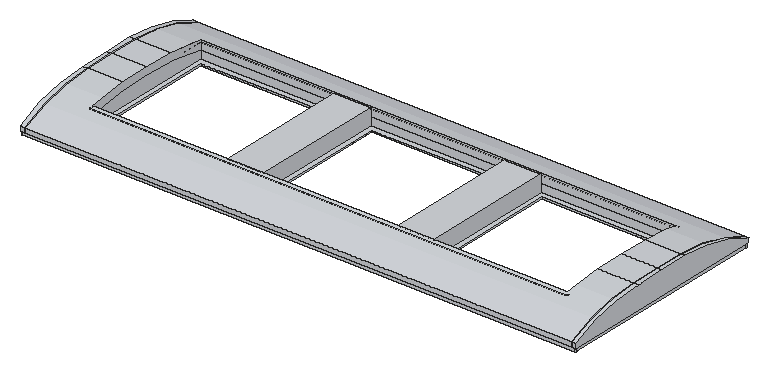
Revit family "Gira_021381", category Electrical Fixtures, host Face, Revit 2017
Family settings
  Host = Face
  Maintain Annotation Orientation = No
  Round Connector Dimension = Use Diameter
  Part Type = Normal
  Cut with Voids When Loaded = No
  Shared = No
  Room Calculation Point = No
Parameters (values of type "Cov.fr. 3-g interm.fr. CAl Gira Event anthra.")
  With mounting grid = "No"
  With hinged lid = "No"
  URL = "http://katalog.gira.de/en/datenblatt.html?artikelnr=021381"
  Type of fastening = "Clamp mounting"
  Transparent = "No"
  Surface protection = "Other"
  Suitable for wall duct = "No"
  Suitable for flush-mounted installation = "Yes"
  Suitable for floor box = "No"
  Suitable for built-in installation = "No"
  Number of units vertical = "3"
  Number of units horizontal = "3"
  Number of units = "3"
  Name = "Cov.fr. 3-g interm.fr. CAl Gira Event anthra."
  Mounting direction = "Horizontal and vertical"
  Material quality = "Thermoplastic"
  Material = "Plastic"
  Manufacturer URL = "https://www.gira.de/"
  Manufacturer = "Gira"
  Label space/information surface = "No"
  Keynote = ""
  HeinzeBIM = "https://bimportal.heinze.de/bim/cov-fr-3-g-interm-fr-cal-gira-event-anthra-/cb19edc71c97d76aa7b287fc06a13c54cf14682d"
  Halogen free = "Yes"
  HAN = "021381"
  GTIN = "4010337213819"
  Description = "Cov.fr.3g i.fr.CAl Event AN,Gira Event frames,anthracite with colour aluminium intermediate frame,3-gang,Features:,- Shatter-proof."
  Degree of protection (IP) = "IP20"
  Default Elevation = 1219.2 mm
  Data sheet (1) = "https://katalog.gira.de/en/download.html?artikelnr=021381"
  Colour = "Anthracite"
  Category = "Cover frame for domestic switching devices"
  BIM (1) = "https://media.stage.bim.site/public/gira/36a6b08/Event_Rahmen_3fach.rfa"
  Available = "No"
Reference planes
  plane 1 "Center (Front/Back)": y = 0
  plane 2: z = 0
  plane 3 "Center (Left/Right)": x = 0
Forms (mm)
  Extrusion 1, solid, detail levels fine
    sketch origin (0, 0, 0.05) x (0, 1, 0) y (0, 0, 1)
      loop
        arc (12.445, 9.683) -> (6.223, 9.833) -> (0, 9.85) r 291.636
        arc (0, 9.85) -> (-6.223, 9.833) -> (-12.445, 9.683) r 291.636
        arc (-12.445, 9.683) -> (-29.14, 7.482) -> (-45, 1.823) r 79.728
        line (-45, 1.823) -> (-45, -0.05) -> (-42.086, -0.05)
        arc (-42.086, -0.05) -> (-21.385, 5.559) -> (0, 7.206) r 114.424
        arc (0, 7.206) -> (21.385, 5.559) -> (42.086, -0.05) r 114.424
        line (42.086, -0.05) -> (45, -0.05) -> (45, 1.823)
        arc (45, 1.823) -> (29.14, 7.482) -> (12.445, 9.683) r 79.728
    from -114.3 to 114.3
  Extrusion 2, void, detail levels fine
    sketch origin (0, 0, 0) x (1, 0, 0) y (0, 1, 0)
      loop
        line (-99.355, -28.053) -> (99.355, -28.053) -> (99.355, 28.053) -> (-99.355, 28.053) -> (-99.355, -28.053)
    from 0.724 to 11
  Extrusion 3, solid, detail levels coarse
    sketch origin (0, 0, 0) x (1, 0, 0) y (0, 1, 0)
      loop
        line (-116.3, 45) -> (-116.3, -45) -> (116.3, -45) -> (116.3, 45) -> (-116.3, 45)
    from -1.5 to 9.9
  Extrusion 4, solid, detail levels medium
    sketch origin (0, 0, 0.05) x (0, 1, 0) y (0, 0, 1)
      loop
        arc (12.445, 9.683) -> (6.223, 9.833) -> (0, 9.85) r 291.636
        arc (0, 9.85) -> (-6.223, 9.833) -> (-12.445, 9.683) r 291.636
        arc (-12.445, 9.683) -> (-29.14, 7.482) -> (-45, 1.823) r 79.728
        line (-45, 1.823) -> (-45, -0.05) -> (45, -0.05) -> (45, 1.823)
        arc (45, 1.823) -> (29.14, 7.482) -> (12.445, 9.683) r 79.728
    from -116.3 to 116.3
  Extrusion 5, solid, detail levels fine
    sketch origin (-71.3, 0, -1.5) x (0, 1, 0) y (0, 0, -1)
      loop
        line (45, -3.373) -> (45, -1.5) -> (-45, -1.5) -> (-45, -3.373)
        arc (-45, -3.373) -> (-29.14, -9.032) -> (-12.445, -11.233) r 79.728
        arc (-12.445, -11.233) -> (-6.223, -11.383) -> (0, -11.4) r 291.636
        arc (0, -11.4) -> (6.223, -11.383) -> (12.445, -11.233) r 291.636
        arc (12.445, -11.233) -> (29.14, -9.032) -> (45, -3.373) r 79.728
    from 43 to 45
  Extrusion 6, solid, detail levels fine
    sketch origin (0, 0, 0) x (1, 0, 0) y (0, 1, 0)
      loop
        line (-97.195, 25.7) -> (-97.195, -25.7) -> (-45.395, -25.7) -> (-45.395, 25.7) -> (-97.195, 25.7)
      loop
        line (25.9, -25.7) -> (25.9, 25.7) -> (-25.9, 25.7) -> (-25.9, -25.7) -> (25.9, -25.7)
      loop
        line (-100.19, 28.49) -> (-100.19, -28.495)
        spline (-100.19, -28.495) -> (-100.181, -28.625) -> (-100.156, -28.754) -> (-100.113, -28.878) -> (-100.056, -28.995) -> (-99.983, -29.104) -> (-99.897, -29.202) -> (-99.798, -29.288) -> (-99.69, -29.361) -> (-99.572, -29.419) -> (-99.448, -29.461) -> (-99.32, -29.486) -> (-99.19, -29.495)
        line (-99.19, -29.495) -> (99.195, -29.495)
        spline (99.195, -29.495) -> (99.325, -29.486) -> (99.454, -29.461) -> (99.578, -29.419) -> (99.695, -29.361) -> (99.804, -29.288) -> (99.902, -29.202) -> (99.988, -29.104) -> (100.061, -28.995) -> (100.119, -28.878) -> (100.161, -28.754) -> (100.186, -28.625) -> (100.195, -28.495)
        line (100.195, -28.495) -> (100.195, 28.49)
        spline (100.195, 28.49) -> (100.186, 28.62) -> (100.161, 28.748) -> (100.119, 28.872) -> (100.061, 28.99) -> (99.988, 29.098) -> (99.902, 29.197) -> (99.804, 29.283) -> (99.695, 29.356) -> (99.578, 29.413) -> (99.454, 29.456) -> (99.325, 29.481) -> (99.195, 29.49)
        line (99.195, 29.49) -> (-99.19, 29.49)
        spline (-99.19, 29.49) -> (-99.32, 29.481) -> (-99.448, 29.456) -> (-99.572, 29.413) -> (-99.69, 29.356) -> (-99.798, 29.283) -> (-99.897, 29.197) -> (-99.983, 29.098) -> (-100.056, 28.99) -> (-100.113, 28.872) -> (-100.156, 28.748) -> (-100.181, 28.62) -> (-100.19, 28.49)
      loop
        line (97.2, -25.7) -> (97.2, 25.7) -> (45.4, 25.7) -> (45.4, -25.7) -> (97.2, -25.7)
    from 0.1 to 7.3
  Extrusion 7, solid
    sketch origin (0, 0, 0) x (1, 0, 0) y (0, 1, 0)
      loop
        arc (-116, -44.2) -> (-115.854, -44.554) -> (-115.5, -44.7) r 0.5
        line (-115.5, -44.7) -> (115.5, -44.7)
        arc (115.5, -44.7) -> (115.854, -44.554) -> (116, -44.2) r 0.5
        line (116, -44.2) -> (116, 44.2)
        arc (116, 44.2) -> (115.854, 44.554) -> (115.5, 44.7) r 0.5
        line (115.5, 44.7) -> (-115.5, 44.7)
        arc (-115.5, 44.7) -> (-115.854, 44.554) -> (-116, 44.2) r 0.5
        line (-116, 44.2) -> (-116, -44.2)
      loop
        line (-114.3, 43) -> (-114.3, -43) -> (114.3, -43) -> (114.3, 43) -> (-114.3, 43)
    from -1.5 to 0.5
  Extrusion 8, solid, detail levels fine
    sketch origin (71.3, 0, -1.5) x (0, 1, 0) y (0, 0, 1)
      loop
        arc (45, 3.373) -> (29.14, 9.032) -> (12.445, 11.233) r 79.728
        arc (12.445, 11.233) -> (6.223, 11.383) -> (0, 11.4) r 291.636
        arc (0, 11.4) -> (-6.223, 11.383) -> (-12.445, 11.233) r 291.636
        arc (-12.445, 11.233) -> (-29.14, 9.032) -> (-45, 3.373) r 79.728
        line (-45, 3.373) -> (-45, 1.5) -> (45, 1.5) -> (45, 3.373)
    from 43 to 45
  Extrusion 9, solid, detail levels medium
    sketch origin (0, 0, 0) x (1, 0, 0) y (0, 1, 0)
      loop
        line (-116, -44.7) -> (116, -44.7) -> (116, 44.7) -> (-116, 44.7) -> (-116, -44.7)
    from -1.5 to 0.5
  Extrusion 10, solid, detail levels fine
    sketch origin (-34.207, 0, 0) x (1, 0, 0) y (0, 1, 0)
      loop
        line (-8.943, 28.063) -> (-8.943, -27.937) -> (6.057, -27.937) -> (6.057, 28.063) -> (-8.943, 28.063)
    from 0.724 to 7.566
  Extrusion 11, solid, detail levels fine
    sketch origin (34.207, 0, 0) x (-1, 0, 0) y (0, -1, 0)
      loop
        line (-8.943, -28.063) -> (6.057, -28.063) -> (6.057, 27.937) -> (-8.943, 27.937) -> (-8.943, -28.063)
    from 0.724 to 7.566
Cuts and joins
  Extrusion 2 cuts Extrusion 1
  Extrusion 2 cuts Extrusion 6
Dimensions and locks
  aligned and locked: plane 2 to host face
  aligned and locked: level to host face
